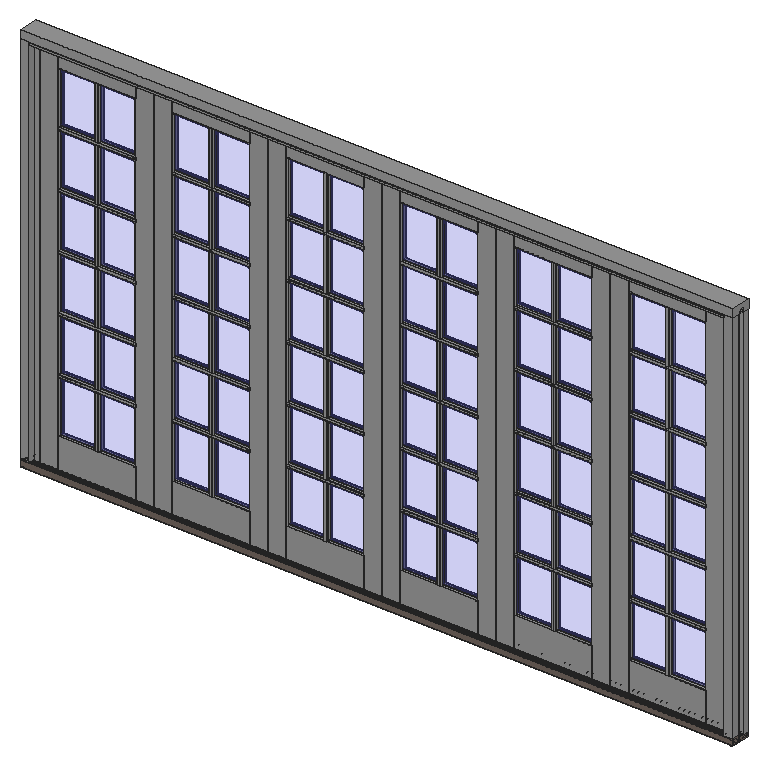
Revit family "VSFA 3820 SP", category Doors, host Wall, Revit 2015 (continued)
Forms (mm)
  Sweep 73, solid, material "Lauan, Meranti"
    profile origin (412.738, -75, 1958.988) x (0, 0, -1) y (0, -1, 0)
      loop
        arc (0, -86) -> (4.67, -84.366) -> (7, -80) r 6.807
        line (7, -80) -> (9, -80) -> (9, -78)
  Extrusion 74, solid, material "Lauan, Meranti"
    sketch origin (-1569.765, 0, 0) x (0, 1, 0) y (0, 0, 1)
      loop
        line (-15.5, 190) -> (-15.5, 19) -> (24.5, 19) -> (24.5, 190) -> (-5.5, 190) -> (-5.5, 199) -> (-7.5, 199) -> (-7.5, 197)
        arc (-7.5, 197) -> (-11.866, 194.67) -> (-13.5, 190) r 6.807
        line (-13.5, 190) -> (-15.5, 190)
      loop
        line (-7.5, 1952) -> (-7.5, 1950) -> (-5.5, 1950) -> (-5.5, 1959) -> (24.5, 1959) -> (24.5, 2055) -> (-15.5, 2055) -> (-15.5, 1959) -> (-13.5, 1959)
        arc (-13.5, 1959) -> (-11.866, 1954.33) -> (-7.5, 1952) r 6.807
      loop
        line (-15.5, 1675) -> (-15.5, 1662) -> (-13.5, 1662)
        arc (-13.5, 1662) -> (-11.866, 1657.33) -> (-7.5, 1655) r 6.807
        line (-7.5, 1655) -> (-7.5, 1653) -> (-5.5, 1653) -> (-5.5, 1662) -> (24.5, 1662) -> (24.5, 1675) -> (-5.5, 1675) -> (-5.5, 1684) -> (-7.5, 1684) -> (-7.5, 1682)
        arc (-7.5, 1682) -> (-11.866, 1679.67) -> (-13.5, 1675) r 6.807
        line (-13.5, 1675) -> (-15.5, 1675)
      loop
        line (-15.5, 1378) -> (-15.5, 1365) -> (-13.5, 1365)
        arc (-13.5, 1365) -> (-11.866, 1360.33) -> (-7.5, 1358) r 6.807
        line (-7.5, 1358) -> (-7.5, 1356) -> (-5.5, 1356) -> (-5.5, 1365) -> (24.5, 1365) -> (24.5, 1378) -> (-5.5, 1378) -> (-5.5, 1387) -> (-7.5, 1387) -> (-7.5, 1385)
        arc (-7.5, 1385) -> (-11.866, 1382.67) -> (-13.5, 1378) r 6.807
        line (-13.5, 1378) -> (-15.5, 1378)
      loop
        line (-15.5, 1081) -> (-15.5, 1068) -> (-13.5, 1068)
        arc (-13.5, 1068) -> (-11.866, 1063.33) -> (-7.5, 1061) r 6.807
        line (-7.5, 1061) -> (-7.5, 1059) -> (-5.5, 1059) -> (-5.5, 1068) -> (24.5, 1068) -> (24.5, 1081) -> (-5.5, 1081) -> (-5.5, 1090) -> (-7.5, 1090) -> (-7.5, 1088)
        arc (-7.5, 1088) -> (-11.866, 1085.67) -> (-13.5, 1081) r 6.807
        line (-13.5, 1081) -> (-15.5, 1081)
      loop
        line (-15.5, 784) -> (-15.5, 771) -> (-13.5, 771)
        arc (-13.5, 771) -> (-11.866, 766.33) -> (-7.5, 764) r 6.807
        line (-7.5, 764) -> (-7.5, 762) -> (-5.5, 762) -> (-5.5, 771) -> (24.5, 771) -> (24.5, 784) -> (-5.5, 784) -> (-5.5, 793) -> (-7.5, 793) -> (-7.5, 791)
        arc (-7.5, 791) -> (-11.866, 788.67) -> (-13.5, 784) r 6.807
        line (-13.5, 784) -> (-15.5, 784)
      loop
        line (-15.5, 487) -> (-15.5, 474) -> (-13.5, 474)
        arc (-13.5, 474) -> (-11.866, 469.33) -> (-7.5, 467) r 6.807
        line (-7.5, 467) -> (-7.5, 465) -> (-5.5, 465) -> (-5.5, 474) -> (24.5, 474) -> (24.5, 487) -> (-5.5, 487) -> (-5.5, 496) -> (-7.5, 496) -> (-7.5, 494)
        arc (-7.5, 494) -> (-11.866, 491.67) -> (-13.5, 487) r 6.807
        line (-13.5, 487) -> (-15.5, 487)
    from -169.235 to 248.765
  Sweep 75, solid, material "Lauan, Meranti"
    path origin (-1862.124, -75, -1252.272) x (1, 0, 0) y (0, 0, 1)
      loop
        line (338.624, 1726.272) -> (338.624, 1442.272) -> (541.124, 1442.272) -> (541.124, 1726.272) -> (338.624, 1726.272)
    profile origin (-1422.25, -75, 474) x (0, 0, 1) y (0, -1, 0)
      loop
        line (-9, -78) -> (-9, -80) -> (-7, -80)
        arc (-7, -80) -> (-4.67, -84.366) -> (0, -86) r 6.807
        line (0, -86) -> (0, -78) -> (-9, -78)
  Extrusion 76, solid, material "Glass"
    sketch origin (-1593.192, -110.55, -763.769) x (1, 0, 0) y (0, 0, 1)
      loop
        line (272.18, 953.779) -> (272.18, 1237.769) -> (69.692, 1237.769) -> (69.692, 953.779) -> (272.18, 953.779)
      loop
        line (56.692, 1237.769) -> (-145.808, 1237.769) -> (-145.808, 953.769) -> (56.692, 953.769) -> (56.692, 1237.769)
      loop
        line (272.18, 1250.779) -> (272.18, 1534.769) -> (69.692, 1534.769) -> (69.692, 1250.779) -> (272.18, 1250.779)
      loop
        line (56.692, 1534.769) -> (-145.808, 1534.769) -> (-145.808, 1250.769) -> (56.692, 1250.769) -> (56.692, 1534.769)
      loop
        line (272.18, 1547.779) -> (272.18, 1831.769) -> (69.692, 1831.769) -> (69.692, 1547.779) -> (272.18, 1547.779)
      loop
        line (56.692, 1831.769) -> (-145.808, 1831.769) -> (-145.808, 1547.769) -> (56.692, 1547.769) -> (56.692, 1831.769)
      loop
        line (272.18, 1844.779) -> (272.18, 2128.769) -> (69.692, 2128.769) -> (69.692, 1844.779) -> (272.18, 1844.779)
      loop
        line (56.692, 2128.769) -> (-145.808, 2128.769) -> (-145.808, 1844.769) -> (56.692, 1844.769) -> (56.692, 2128.769)
      loop
        line (272.18, 2141.779) -> (272.18, 2425.769) -> (69.692, 2425.769) -> (69.692, 2141.779) -> (272.18, 2141.779)
      loop
        line (56.692, 2425.769) -> (-145.808, 2425.769) -> (-145.808, 2141.769) -> (56.692, 2141.769) -> (56.692, 2425.769)
      loop
        line (272.18, 2438.779) -> (272.18, 2722.769) -> (69.692, 2722.769) -> (69.692, 2438.779) -> (272.18, 2438.779)
      loop
        line (56.692, 2722.769) -> (-145.808, 2722.769) -> (-145.808, 2438.769) -> (56.692, 2438.769) -> (56.692, 2722.769)
    from -112.5 to -106.1
  Extrusion 77, solid, material "Lauan, Meranti"
    sketch origin (-2125, 0, 0) x (1, 0, 0) y (0, 1, 0)
      loop
        line (601.5, -15.5) -> (601.5, -13.5)
        arc (601.5, -13.5) -> (606.17, -11.866) -> (608.5, -7.5) r 6.807
        line (608.5, -7.5) -> (610.5, -7.5) -> (610.5, -5.5) -> (601.5, -5.5) -> (601.5, 24.5) -> (588.5, 24.5) -> (588.5, -5.5) -> (579.5, -5.5) -> (579.5, -7.5) -> (581.5, -7.5)
        arc (581.5, -7.5) -> (583.83, -11.866) -> (588.5, -13.5) r 6.807
        line (588.5, -13.5) -> (588.5, -15.5) -> (601.5, -15.5)
    from 190 to 474
  Sweep 78, solid, material "Lauan, Meranti"
    path origin (-2077.612, -75, -1252.272) x (1, 0, 0) y (0, 0, 1)
      loop
        line (338.624, 1726.272) -> (338.624, 1442.272) -> (541.124, 1442.272) -> (541.124, 1726.272) -> (338.624, 1726.272)
    profile origin (-1637.738, -75, 474) x (0, 0, 1) y (0, -1, 0)
      loop
        line (-9, -78) -> (-9, -80) -> (-7, -80)
        arc (-7, -80) -> (-4.67, -84.366) -> (0, -86) r 6.807
        line (0, -86) -> (0, -78) -> (-9, -78)
  Sweep 79, solid, material "Lauan, Meranti"
    path origin (-1862.124, -75, -955.284) x (1, 0, 0) y (0, 0, 1)
      loop
        line (338.624, 1726.272) -> (338.624, 1442.272) -> (541.124, 1442.272) -> (541.124, 1726.272) -> (338.624, 1726.272)
    profile origin (-1422.25, -75, 770.988) x (0, 0, 1) y (0, -1, 0)
      loop
        line (-9, -78) -> (-9, -80) -> (-7, -80)
        arc (-7, -80) -> (-4.67, -84.366) -> (0, -86) r 6.807
        line (0, -86) -> (0, -78) -> (-9, -78)
  Extrusion 80, solid, material "Lauan, Meranti"
    sketch origin (-2125, 0, 296.988) x (1, 0, 0) y (0, 1, 0)
      loop
        line (601.5, -15.5) -> (601.5, -13.5)
        arc (601.5, -13.5) -> (606.17, -11.866) -> (608.5, -7.5) r 6.807
        line (608.5, -7.5) -> (610.5, -7.5) -> (610.5, -5.5) -> (601.5, -5.5) -> (601.5, 24.5) -> (588.5, 24.5) -> (588.5, -5.5) -> (579.5, -5.5) -> (579.5, -7.5) -> (581.5, -7.5)
        arc (581.5, -7.5) -> (583.83, -11.866) -> (588.5, -13.5) r 6.807
        line (588.5, -13.5) -> (588.5, -15.5) -> (601.5, -15.5)
    from 190 to 474
  Sweep 81, solid, material "Lauan, Meranti"
    path origin (-2077.612, -75, -955.284) x (1, 0, 0) y (0, 0, 1)
      loop
        line (338.624, 1726.272) -> (338.624, 1442.272) -> (541.124, 1442.272) -> (541.124, 1726.272) -> (338.624, 1726.272)
    profile origin (-1637.738, -75, 770.988) x (0, 0, 1) y (0, -1, 0)
      loop
        line (-9, -78) -> (-9, -80) -> (-7, -80)
        arc (-7, -80) -> (-4.67, -84.366) -> (0, -86) r 6.807
        line (0, -86) -> (0, -78) -> (-9, -78)
  Sweep 82, solid, material "Lauan, Meranti"
    path origin (-1862.124, -75, -658.284) x (1, 0, 0) y (0, 0, 1)
      loop
        line (338.624, 1726.272) -> (338.624, 1442.272) -> (541.124, 1442.272) -> (541.124, 1726.272) -> (338.624, 1726.272)
    profile origin (-1422.25, -75, 1067.988) x (0, 0, 1) y (0, -1, 0)
      loop
        line (-9, -78) -> (-9, -80) -> (-7, -80)
        arc (-7, -80) -> (-4.67, -84.366) -> (0, -86) r 6.807
        line (0, -86) -> (0, -78) -> (-9, -78)
  Extrusion 83, solid, material "Lauan, Meranti"
    sketch origin (-2125, 0, 593.988) x (1, 0, 0) y (0, 1, 0)
      loop
        line (601.5, -15.5) -> (601.5, -13.5)
        arc (601.5, -13.5) -> (606.17, -11.866) -> (608.5, -7.5) r 6.807
        line (608.5, -7.5) -> (610.5, -7.5) -> (610.5, -5.5) -> (601.5, -5.5) -> (601.5, 24.5) -> (588.5, 24.5) -> (588.5, -5.5) -> (579.5, -5.5) -> (579.5, -7.5) -> (581.5, -7.5)
        arc (581.5, -7.5) -> (583.83, -11.866) -> (588.5, -13.5) r 6.807
        line (588.5, -13.5) -> (588.5, -15.5) -> (601.5, -15.5)
    from 190 to 474
  Sweep 84, solid, material "Lauan, Meranti"
    path origin (-2077.612, -75, -658.284) x (1, 0, 0) y (0, 0, 1)
      loop
        line (338.624, 1726.272) -> (338.624, 1442.272) -> (541.124, 1442.272) -> (541.124, 1726.272) -> (338.624, 1726.272)
    profile origin (-1637.738, -75, 1067.988) x (0, 0, 1) y (0, -1, 0)
      loop
        line (-9, -78) -> (-9, -80) -> (-7, -80)
        arc (-7, -80) -> (-4.67, -84.366) -> (0, -86) r 6.807
        line (0, -86) -> (0, -78) -> (-9, -78)
  Sweep 85, solid, material "Lauan, Meranti"
    path origin (-1862.124, -75, -361.284) x (1, 0, 0) y (0, 0, 1)
      loop
        line (338.624, 1726.272) -> (338.624, 1442.272) -> (541.124, 1442.272) -> (541.124, 1726.272) -> (338.624, 1726.272)
    profile origin (-1422.25, -75, 1364.988) x (0, 0, 1) y (0, -1, 0)
      loop
        line (-9, -78) -> (-9, -80) -> (-7, -80)
        arc (-7, -80) -> (-4.67, -84.366) -> (0, -86) r 6.807
        line (0, -86) -> (0, -78) -> (-9, -78)
  Extrusion 86, solid, material "Lauan, Meranti"
    sketch origin (-2125, 0, 890.988) x (1, 0, 0) y (0, 1, 0)
      loop
        line (601.5, -15.5) -> (601.5, -13.5)
        arc (601.5, -13.5) -> (606.17, -11.866) -> (608.5, -7.5) r 6.807
        line (608.5, -7.5) -> (610.5, -7.5) -> (610.5, -5.5) -> (601.5, -5.5) -> (601.5, 24.5) -> (588.5, 24.5) -> (588.5, -5.5) -> (579.5, -5.5) -> (579.5, -7.5) -> (581.5, -7.5)
        arc (581.5, -7.5) -> (583.83, -11.866) -> (588.5, -13.5) r 6.807
        line (588.5, -13.5) -> (588.5, -15.5) -> (601.5, -15.5)
    from 190 to 474
  Sweep 87, solid, material "Lauan, Meranti"
    path origin (-2077.612, -75, -361.284) x (1, 0, 0) y (0, 0, 1)
      loop
        line (338.624, 1726.272) -> (338.624, 1442.272) -> (541.124, 1442.272) -> (541.124, 1726.272) -> (338.624, 1726.272)
    profile origin (-1637.738, -75, 1364.988) x (0, 0, 1) y (0, -1, 0)
      loop
        line (-9, -78) -> (-9, -80) -> (-7, -80)
        arc (-7, -80) -> (-4.67, -84.366) -> (0, -86) r 6.807
        line (0, -86) -> (0, -78) -> (-9, -78)
  Sweep 88, solid, material "Lauan, Meranti"
    path origin (-1862.124, -75, -64.284) x (1, 0, 0) y (0, 0, 1)
      loop
        line (338.624, 1726.272) -> (338.624, 1442.272) -> (541.124, 1442.272) -> (541.124, 1726.272) -> (338.624, 1726.272)
    profile origin (-1422.25, -75, 1661.988) x (0, 0, 1) y (0, -1, 0)
      loop
        line (-9, -78) -> (-9, -80) -> (-7, -80)
        arc (-7, -80) -> (-4.67, -84.366) -> (0, -86) r 6.807
        line (0, -86) -> (0, -78) -> (-9, -78)
  Extrusion 89, solid, material "Lauan, Meranti"
    sketch origin (-2125, 0, 1187.988) x (1, 0, 0) y (0, 1, 0)
      loop
        line (601.5, -15.5) -> (601.5, -13.5)
        arc (601.5, -13.5) -> (606.17, -11.866) -> (608.5, -7.5) r 6.807
        line (608.5, -7.5) -> (610.5, -7.5) -> (610.5, -5.5) -> (601.5, -5.5) -> (601.5, 24.5) -> (588.5, 24.5) -> (588.5, -5.5) -> (579.5, -5.5) -> (579.5, -7.5) -> (581.5, -7.5)
        arc (581.5, -7.5) -> (583.83, -11.866) -> (588.5, -13.5) r 6.807
        line (588.5, -13.5) -> (588.5, -15.5) -> (601.5, -15.5)
    from 190 to 474
  Sweep 90, solid, material "Lauan, Meranti"
    path origin (-2077.612, -75, -64.284) x (1, 0, 0) y (0, 0, 1)
      loop
        line (338.624, 1726.272) -> (338.624, 1442.272) -> (541.124, 1442.272) -> (541.124, 1726.272) -> (338.624, 1726.272)
    profile origin (-1637.738, -75, 1661.988) x (0, 0, 1) y (0, -1, 0)
      loop
        line (-9, -78) -> (-9, -80) -> (-7, -80)
        arc (-7, -80) -> (-4.67, -84.366) -> (0, -86) r 6.807
        line (0, -86) -> (0, -78) -> (-9, -78)
  Sweep 91, solid, material "Lauan, Meranti"
    path origin (-1862.124, -75, 232.716) x (1, 0, 0) y (0, 0, 1)
      loop
        line (338.624, 1726.272) -> (338.624, 1442.272) -> (541.124, 1442.272) -> (541.124, 1726.272) -> (338.624, 1726.272)
    profile origin (-1422.25, -75, 1958.988) x (0, 0, 1) y (0, -1, 0)
      loop
        line (-9, -78) -> (-9, -80) -> (-7, -80)
        arc (-7, -80) -> (-4.67, -84.366) -> (0, -86) r 6.807
        line (0, -86) -> (0, -78) -> (-9, -78)
  Extrusion 92, solid, material "Lauan, Meranti"
    sketch origin (-2125, 0, 1484.988) x (1, 0, 0) y (0, 1, 0)
      loop
        line (601.5, -15.5) -> (601.5, -13.5)
        arc (601.5, -13.5) -> (606.17, -11.866) -> (608.5, -7.5) r 6.807
        line (608.5, -7.5) -> (610.5, -7.5) -> (610.5, -5.5) -> (601.5, -5.5) -> (601.5, 24.5) -> (588.5, 24.5) -> (588.5, -5.5) -> (579.5, -5.5) -> (579.5, -7.5) -> (581.5, -7.5)
        arc (581.5, -7.5) -> (583.83, -11.866) -> (588.5, -13.5) r 6.807
        line (588.5, -13.5) -> (588.5, -15.5) -> (601.5, -15.5)
    from 190 to 474
  Sweep 93, solid, material "Lauan, Meranti"
    path origin (-2077.612, -75, 232.716) x (1, 0, 0) y (0, 0, 1)
      loop
        line (338.624, 1726.272) -> (338.624, 1442.272) -> (541.124, 1442.272) -> (541.124, 1726.272) -> (338.624, 1726.272)
    profile origin (-1637.738, -75, 1958.988) x (0, 0, 1) y (0, -1, 0)
      loop
        line (-9, -78) -> (-9, -80) -> (-7, -80)
        arc (-7, -80) -> (-4.67, -84.366) -> (0, -86) r 6.807
        line (0, -86) -> (0, -78) -> (-9, -78)
  Extrusion 94, solid, material "Lauan, Meranti"
    sketch origin (-957.265, 0, 0) x (0, 1, 0) y (0, 0, 1)
      loop
        line (-15.5, 190) -> (-15.5, 19) -> (24.5, 19) -> (24.5, 190) -> (-5.5, 190) -> (-5.5, 199) -> (-7.5, 199) -> (-7.5, 197)
        arc (-7.5, 197) -> (-11.866, 194.67) -> (-13.5, 190) r 6.807
        line (-13.5, 190) -> (-15.5, 190)
      loop
        line (-7.5, 1952) -> (-7.5, 1950) -> (-5.5, 1950) -> (-5.5, 1959) -> (24.5, 1959) -> (24.5, 2055) -> (-15.5, 2055) -> (-15.5, 1959) -> (-13.5, 1959)
        arc (-13.5, 1959) -> (-11.866, 1954.33) -> (-7.5, 1952) r 6.807
      loop
        line (-15.5, 1675) -> (-15.5, 1662) -> (-13.5, 1662)
        arc (-13.5, 1662) -> (-11.866, 1657.33) -> (-7.5, 1655) r 6.807
        line (-7.5, 1655) -> (-7.5, 1653) -> (-5.5, 1653) -> (-5.5, 1662) -> (24.5, 1662) -> (24.5, 1675) -> (-5.5, 1675) -> (-5.5, 1684) -> (-7.5, 1684) -> (-7.5, 1682)
        arc (-7.5, 1682) -> (-11.866, 1679.67) -> (-13.5, 1675) r 6.807
        line (-13.5, 1675) -> (-15.5, 1675)
      loop
        line (-15.5, 1378) -> (-15.5, 1365) -> (-13.5, 1365)
        arc (-13.5, 1365) -> (-11.866, 1360.33) -> (-7.5, 1358) r 6.807
        line (-7.5, 1358) -> (-7.5, 1356) -> (-5.5, 1356) -> (-5.5, 1365) -> (24.5, 1365) -> (24.5, 1378) -> (-5.5, 1378) -> (-5.5, 1387) -> (-7.5, 1387) -> (-7.5, 1385)
        arc (-7.5, 1385) -> (-11.866, 1382.67) -> (-13.5, 1378) r 6.807
        line (-13.5, 1378) -> (-15.5, 1378)
      loop
        line (-15.5, 1081) -> (-15.5, 1068) -> (-13.5, 1068)
        arc (-13.5, 1068) -> (-11.866, 1063.33) -> (-7.5, 1061) r 6.807
        line (-7.5, 1061) -> (-7.5, 1059) -> (-5.5, 1059) -> (-5.5, 1068) -> (24.5, 1068) -> (24.5, 1081) -> (-5.5, 1081) -> (-5.5, 1090) -> (-7.5, 1090) -> (-7.5, 1088)
        arc (-7.5, 1088) -> (-11.866, 1085.67) -> (-13.5, 1081) r 6.807
        line (-13.5, 1081) -> (-15.5, 1081)
      loop
        line (-15.5, 784) -> (-15.5, 771) -> (-13.5, 771)
        arc (-13.5, 771) -> (-11.866, 766.33) -> (-7.5, 764) r 6.807
        line (-7.5, 764) -> (-7.5, 762) -> (-5.5, 762) -> (-5.5, 771) -> (24.5, 771) -> (24.5, 784) -> (-5.5, 784) -> (-5.5, 793) -> (-7.5, 793) -> (-7.5, 791)
        arc (-7.5, 791) -> (-11.866, 788.67) -> (-13.5, 784) r 6.807
        line (-13.5, 784) -> (-15.5, 784)
      loop
        line (-15.5, 487) -> (-15.5, 474) -> (-13.5, 474)
        arc (-13.5, 474) -> (-11.866, 469.33) -> (-7.5, 467) r 6.807
        line (-7.5, 467) -> (-7.5, 465) -> (-5.5, 465) -> (-5.5, 474) -> (24.5, 474) -> (24.5, 487) -> (-5.5, 487) -> (-5.5, 496) -> (-7.5, 496) -> (-7.5, 494)
        arc (-7.5, 494) -> (-11.866, 491.67) -> (-13.5, 487) r 6.807
        line (-13.5, 487) -> (-15.5, 487)
    from -169.235 to 248.765
  Sweep 95, solid, material "Lauan, Meranti"
    path origin (-1249.624, -75, -1252.272) x (1, 0, 0) y (0, 0, 1)
      loop
        line (338.624, 1726.272) -> (338.624, 1442.272) -> (541.124, 1442.272) -> (541.124, 1726.272) -> (338.624, 1726.272)
    profile origin (-809.75, -75, 474) x (0, 0, 1) y (0, -1, 0)
      loop
        line (-9, -78) -> (-9, -80) -> (-7, -80)
        arc (-7, -80) -> (-4.67, -84.366) -> (0, -86) r 6.807
        line (0, -86) -> (0, -78) -> (-9, -78)
  Extrusion 96, solid, material "Glass"
    sketch origin (-980.692, -110.55, -763.769) x (1, 0, 0) y (0, 0, 1)
      loop
        line (272.18, 953.779) -> (272.18, 1237.769) -> (69.692, 1237.769) -> (69.692, 953.779) -> (272.18, 953.779)
      loop
        line (56.692, 1237.769) -> (-145.808, 1237.769) -> (-145.808, 953.769) -> (56.692, 953.769) -> (56.692, 1237.769)
      loop
        line (272.18, 1250.779) -> (272.18, 1534.769) -> (69.692, 1534.769) -> (69.692, 1250.779) -> (272.18, 1250.779)
      loop
        line (56.692, 1534.769) -> (-145.808, 1534.769) -> (-145.808, 1250.769) -> (56.692, 1250.769) -> (56.692, 1534.769)
      loop
        line (272.18, 1547.779) -> (272.18, 1831.769) -> (69.692, 1831.769) -> (69.692, 1547.779) -> (272.18, 1547.779)
      loop
        line (56.692, 1831.769) -> (-145.808, 1831.769) -> (-145.808, 1547.769) -> (56.692, 1547.769) -> (56.692, 1831.769)
      loop
        line (272.18, 1844.779) -> (272.18, 2128.769) -> (69.692, 2128.769) -> (69.692, 1844.779) -> (272.18, 1844.779)
      loop
        line (56.692, 2128.769) -> (-145.808, 2128.769) -> (-145.808, 1844.769) -> (56.692, 1844.769) -> (56.692, 2128.769)
      loop
        line (272.18, 2141.779) -> (272.18, 2425.769) -> (69.692, 2425.769) -> (69.692, 2141.779) -> (272.18, 2141.779)
      loop
        line (56.692, 2425.769) -> (-145.808, 2425.769) -> (-145.808, 2141.769) -> (56.692, 2141.769) -> (56.692, 2425.769)
      loop
        line (272.18, 2438.779) -> (272.18, 2722.769) -> (69.692, 2722.769) -> (69.692, 2438.779) -> (272.18, 2438.779)
      loop
        line (56.692, 2722.769) -> (-145.808, 2722.769) -> (-145.808, 2438.769) -> (56.692, 2438.769) -> (56.692, 2722.769)
    from -112.5 to -106.1
  Extrusion 97, solid, material "Lauan, Meranti"
    sketch origin (-1512.5, 0, 0) x (1, 0, 0) y (0, 1, 0)
      loop
        line (601.5, -15.5) -> (601.5, -13.5)
        arc (601.5, -13.5) -> (606.17, -11.866) -> (608.5, -7.5) r 6.807
        line (608.5, -7.5) -> (610.5, -7.5) -> (610.5, -5.5) -> (601.5, -5.5) -> (601.5, 24.5) -> (588.5, 24.5) -> (588.5, -5.5) -> (579.5, -5.5) -> (579.5, -7.5) -> (581.5, -7.5)
        arc (581.5, -7.5) -> (583.83, -11.866) -> (588.5, -13.5) r 6.807
        line (588.5, -13.5) -> (588.5, -15.5) -> (601.5, -15.5)
    from 190 to 474
  Sweep 98, solid, material "Lauan, Meranti"
    path origin (-1465.112, -75, -1252.272) x (1, 0, 0) y (0, 0, 1)
      loop
        line (338.624, 1726.272) -> (338.624, 1442.272) -> (541.124, 1442.272) -> (541.124, 1726.272) -> (338.624, 1726.272)
    profile origin (-1025.238, -75, 474) x (0, 0, 1) y (0, -1, 0)
      loop
        line (-9, -78) -> (-9, -80) -> (-7, -80)
        arc (-7, -80) -> (-4.67, -84.366) -> (0, -86) r 6.807
        line (0, -86) -> (0, -78) -> (-9, -78)
  Sweep 99, solid, material "Lauan, Meranti"
    path origin (-1249.624, -75, -955.284) x (1, 0, 0) y (0, 0, 1)
      loop
        line (338.624, 1726.272) -> (338.624, 1442.272) -> (541.124, 1442.272) -> (541.124, 1726.272) -> (338.624, 1726.272)
    profile origin (-809.75, -75, 770.988) x (0, 0, 1) y (0, -1, 0)
      loop
        line (-9, -78) -> (-9, -80) -> (-7, -80)
        arc (-7, -80) -> (-4.67, -84.366) -> (0, -86) r 6.807
        line (0, -86) -> (0, -78) -> (-9, -78)
  Extrusion 100, solid, material "Lauan, Meranti"
    sketch origin (-1512.5, 0, 296.988) x (1, 0, 0) y (0, 1, 0)
      loop
        line (601.5, -15.5) -> (601.5, -13.5)
        arc (601.5, -13.5) -> (606.17, -11.866) -> (608.5, -7.5) r 6.807
        line (608.5, -7.5) -> (610.5, -7.5) -> (610.5, -5.5) -> (601.5, -5.5) -> (601.5, 24.5) -> (588.5, 24.5) -> (588.5, -5.5) -> (579.5, -5.5) -> (579.5, -7.5) -> (581.5, -7.5)
        arc (581.5, -7.5) -> (583.83, -11.866) -> (588.5, -13.5) r 6.807
        line (588.5, -13.5) -> (588.5, -15.5) -> (601.5, -15.5)
    from 190 to 474
  Sweep 101, solid, material "Lauan, Meranti"
    path origin (-1465.112, -75, -955.284) x (1, 0, 0) y (0, 0, 1)
      loop
        line (338.624, 1726.272) -> (338.624, 1442.272) -> (541.124, 1442.272) -> (541.124, 1726.272) -> (338.624, 1726.272)
    profile origin (-1025.238, -75, 770.988) x (0, 0, 1) y (0, -1, 0)
      loop
        line (-9, -78) -> (-9, -80) -> (-7, -80)
        arc (-7, -80) -> (-4.67, -84.366) -> (0, -86) r 6.807
        line (0, -86) -> (0, -78) -> (-9, -78)
  Sweep 102, solid, material "Lauan, Meranti"
    path origin (-1249.624, -75, -658.284) x (1, 0, 0) y (0, 0, 1)
      loop
        line (338.624, 1726.272) -> (338.624, 1442.272) -> (541.124, 1442.272) -> (541.124, 1726.272) -> (338.624, 1726.272)
    profile origin (-809.75, -75, 1067.988) x (0, 0, 1) y (0, -1, 0)
      loop
        line (-9, -78) -> (-9, -80) -> (-7, -80)
        arc (-7, -80) -> (-4.67, -84.366) -> (0, -86) r 6.807
        line (0, -86) -> (0, -78) -> (-9, -78)
  Extrusion 103, solid, material "Lauan, Meranti"
    sketch origin (-1512.5, 0, 593.988) x (1, 0, 0) y (0, 1, 0)
      loop
        line (601.5, -15.5) -> (601.5, -13.5)
        arc (601.5, -13.5) -> (606.17, -11.866) -> (608.5, -7.5) r 6.807
        line (608.5, -7.5) -> (610.5, -7.5) -> (610.5, -5.5) -> (601.5, -5.5) -> (601.5, 24.5) -> (588.5, 24.5) -> (588.5, -5.5) -> (579.5, -5.5) -> (579.5, -7.5) -> (581.5, -7.5)
        arc (581.5, -7.5) -> (583.83, -11.866) -> (588.5, -13.5) r 6.807
        line (588.5, -13.5) -> (588.5, -15.5) -> (601.5, -15.5)
    from 190 to 474
  Sweep 104, solid, material "Lauan, Meranti"
    path origin (-1465.112, -75, -658.284) x (1, 0, 0) y (0, 0, 1)
      loop
        line (338.624, 1726.272) -> (338.624, 1442.272) -> (541.124, 1442.272) -> (541.124, 1726.272) -> (338.624, 1726.272)
    profile origin (-1025.238, -75, 1067.988) x (0, 0, 1) y (0, -1, 0)
      loop
        line (-9, -78) -> (-9, -80) -> (-7, -80)
        arc (-7, -80) -> (-4.67, -84.366) -> (0, -86) r 6.807
        line (0, -86) -> (0, -78) -> (-9, -78)
  Sweep 105, solid, material "Lauan, Meranti"
    path origin (-1249.624, -75, -361.284) x (1, 0, 0) y (0, 0, 1)
      loop
        line (338.624, 1726.272) -> (338.624, 1442.272) -> (541.124, 1442.272) -> (541.124, 1726.272) -> (338.624, 1726.272)
    profile origin (-809.75, -75, 1364.988) x (0, 0, 1) y (0, -1, 0)
      loop
        line (-9, -78) -> (-9, -80) -> (-7, -80)
        arc (-7, -80) -> (-4.67, -84.366) -> (0, -86) r 6.807
        line (0, -86) -> (0, -78) -> (-9, -78)
  Extrusion 106, solid, material "Lauan, Meranti"
    sketch origin (-1512.5, 0, 890.988) x (1, 0, 0) y (0, 1, 0)
      loop
        line (601.5, -15.5) -> (601.5, -13.5)
        arc (601.5, -13.5) -> (606.17, -11.866) -> (608.5, -7.5) r 6.807
        line (608.5, -7.5) -> (610.5, -7.5) -> (610.5, -5.5) -> (601.5, -5.5) -> (601.5, 24.5) -> (588.5, 24.5) -> (588.5, -5.5) -> (579.5, -5.5) -> (579.5, -7.5) -> (581.5, -7.5)
        arc (581.5, -7.5) -> (583.83, -11.866) -> (588.5, -13.5) r 6.807
        line (588.5, -13.5) -> (588.5, -15.5) -> (601.5, -15.5)
    from 190 to 474
  Sweep 107, solid, material "Lauan, Meranti"
    path origin (-1465.112, -75, -361.284) x (1, 0, 0) y (0, 0, 1)
      loop
        line (338.624, 1726.272) -> (338.624, 1442.272) -> (541.124, 1442.272) -> (541.124, 1726.272) -> (338.624, 1726.272)
    profile origin (-1025.238, -75, 1364.988) x (0, 0, 1) y (0, -1, 0)
      loop
        line (-9, -78) -> (-9, -80) -> (-7, -80)
        arc (-7, -80) -> (-4.67, -84.366) -> (0, -86) r 6.807
        line (0, -86) -> (0, -78) -> (-9, -78)
  Sweep 108, solid, material "Lauan, Meranti"
    path origin (-1249.624, -75, -64.284) x (1, 0, 0) y (0, 0, 1)
      loop
        line (338.624, 1726.272) -> (338.624, 1442.272) -> (541.124, 1442.272) -> (541.124, 1726.272) -> (338.624, 1726.272)
    profile origin (-809.75, -75, 1661.988) x (0, 0, 1) y (0, -1, 0)
      loop
        line (-9, -78) -> (-9, -80) -> (-7, -80)
        arc (-7, -80) -> (-4.67, -84.366) -> (0, -86) r 6.807
        line (0, -86) -> (0, -78) -> (-9, -78)
  Extrusion 109, solid, material "Lauan, Meranti"
    sketch origin (-1512.5, 0, 1187.988) x (1, 0, 0) y (0, 1, 0)
      loop
        line (601.5, -15.5) -> (601.5, -13.5)
        arc (601.5, -13.5) -> (606.17, -11.866) -> (608.5, -7.5) r 6.807
        line (608.5, -7.5) -> (610.5, -7.5) -> (610.5, -5.5) -> (601.5, -5.5) -> (601.5, 24.5) -> (588.5, 24.5) -> (588.5, -5.5) -> (579.5, -5.5) -> (579.5, -7.5) -> (581.5, -7.5)
        arc (581.5, -7.5) -> (583.83, -11.866) -> (588.5, -13.5) r 6.807
        line (588.5, -13.5) -> (588.5, -15.5) -> (601.5, -15.5)
    from 190 to 474
  Sweep 110, solid, material "Lauan, Meranti"
    path origin (-1465.112, -75, -64.284) x (1, 0, 0) y (0, 0, 1)
      loop
        line (338.624, 1726.272) -> (338.624, 1442.272) -> (541.124, 1442.272) -> (541.124, 1726.272) -> (338.624, 1726.272)
    profile origin (-1025.238, -75, 1661.988) x (0, 0, 1) y (0, -1, 0)
      loop
        line (-9, -78) -> (-9, -80) -> (-7, -80)
        arc (-7, -80) -> (-4.67, -84.366) -> (0, -86) r 6.807
        line (0, -86) -> (0, -78) -> (-9, -78)
  Sweep 111, solid, material "Lauan, Meranti"
    path origin (-1249.624, -75, 232.716) x (1, 0, 0) y (0, 0, 1)
      loop
        line (338.624, 1726.272) -> (338.624, 1442.272) -> (541.124, 1442.272) -> (541.124, 1726.272) -> (338.624, 1726.272)
    profile origin (-809.75, -75, 1958.988) x (0, 0, 1) y (0, -1, 0)
      loop
        line (-9, -78) -> (-9, -80) -> (-7, -80)
        arc (-7, -80) -> (-4.67, -84.366) -> (0, -86) r 6.807
        line (0, -86) -> (0, -78) -> (-9, -78)
  Extrusion 112, solid, material "Lauan, Meranti"
    sketch origin (-1512.5, 0, 1484.988) x (1, 0, 0) y (0, 1, 0)
      loop
        line (601.5, -15.5) -> (601.5, -13.5)
        arc (601.5, -13.5) -> (606.17, -11.866) -> (608.5, -7.5) r 6.807
        line (608.5, -7.5) -> (610.5, -7.5) -> (610.5, -5.5) -> (601.5, -5.5) -> (601.5, 24.5) -> (588.5, 24.5) -> (588.5, -5.5) -> (579.5, -5.5) -> (579.5, -7.5) -> (581.5, -7.5)
        arc (581.5, -7.5) -> (583.83, -11.866) -> (588.5, -13.5) r 6.807
        line (588.5, -13.5) -> (588.5, -15.5) -> (601.5, -15.5)
    from 190 to 474
  Sweep 113, solid, material "Lauan, Meranti"
    path origin (-1465.112, -75, 232.716) x (1, 0, 0) y (0, 0, 1)
      loop
        line (338.624, 1726.272) -> (338.624, 1442.272) -> (541.124, 1442.272) -> (541.124, 1726.272) -> (338.624, 1726.272)
    profile origin (-1025.238, -75, 1958.988) x (0, 0, 1) y (0, -1, 0)
      loop
        line (-9, -78) -> (-9, -80) -> (-7, -80)
        arc (-7, -80) -> (-4.67, -84.366) -> (0, -86) r 6.807
        line (0, -86) -> (0, -78) -> (-9, -78)
  Extrusion 114, solid, material "Lauan, Meranti"
    sketch origin (-344.765, 0, 0) x (0, 1, 0) y (0, 0, 1)
      loop
        line (-15.5, 190) -> (-15.5, 19) -> (24.5, 19) -> (24.5, 190) -> (-5.5, 190) -> (-5.5, 199) -> (-7.5, 199) -> (-7.5, 197)
        arc (-7.5, 197) -> (-11.866, 194.67) -> (-13.5, 190) r 6.807
        line (-13.5, 190) -> (-15.5, 190)
      loop
        line (-7.5, 1952) -> (-7.5, 1950) -> (-5.5, 1950) -> (-5.5, 1959) -> (24.5, 1959) -> (24.5, 2055) -> (-15.5, 2055) -> (-15.5, 1959) -> (-13.5, 1959)
        arc (-13.5, 1959) -> (-11.866, 1954.33) -> (-7.5, 1952) r 6.807
      loop
        line (-15.5, 1675) -> (-15.5, 1662) -> (-13.5, 1662)
        arc (-13.5, 1662) -> (-11.866, 1657.33) -> (-7.5, 1655) r 6.807
        line (-7.5, 1655) -> (-7.5, 1653) -> (-5.5, 1653) -> (-5.5, 1662) -> (24.5, 1662) -> (24.5, 1675) -> (-5.5, 1675) -> (-5.5, 1684) -> (-7.5, 1684) -> (-7.5, 1682)
        arc (-7.5, 1682) -> (-11.866, 1679.67) -> (-13.5, 1675) r 6.807
        line (-13.5, 1675) -> (-15.5, 1675)
      loop
        line (-15.5, 1378) -> (-15.5, 1365) -> (-13.5, 1365)
        arc (-13.5, 1365) -> (-11.866, 1360.33) -> (-7.5, 1358) r 6.807
        line (-7.5, 1358) -> (-7.5, 1356) -> (-5.5, 1356) -> (-5.5, 1365) -> (24.5, 1365) -> (24.5, 1378) -> (-5.5, 1378) -> (-5.5, 1387) -> (-7.5, 1387) -> (-7.5, 1385)
        arc (-7.5, 1385) -> (-11.866, 1382.67) -> (-13.5, 1378) r 6.807
        line (-13.5, 1378) -> (-15.5, 1378)
      loop
        line (-15.5, 1081) -> (-15.5, 1068) -> (-13.5, 1068)
        arc (-13.5, 1068) -> (-11.866, 1063.33) -> (-7.5, 1061) r 6.807
        line (-7.5, 1061) -> (-7.5, 1059) -> (-5.5, 1059) -> (-5.5, 1068) -> (24.5, 1068) -> (24.5, 1081) -> (-5.5, 1081) -> (-5.5, 1090) -> (-7.5, 1090) -> (-7.5, 1088)
        arc (-7.5, 1088) -> (-11.866, 1085.67) -> (-13.5, 1081) r 6.807
        line (-13.5, 1081) -> (-15.5, 1081)
      loop
        line (-15.5, 784) -> (-15.5, 771) -> (-13.5, 771)
        arc (-13.5, 771) -> (-11.866, 766.33) -> (-7.5, 764) r 6.807
        line (-7.5, 764) -> (-7.5, 762) -> (-5.5, 762) -> (-5.5, 771) -> (24.5, 771) -> (24.5, 784) -> (-5.5, 784) -> (-5.5, 793) -> (-7.5, 793) -> (-7.5, 791)
        arc (-7.5, 791) -> (-11.866, 788.67) -> (-13.5, 784) r 6.807
        line (-13.5, 784) -> (-15.5, 784)
      loop
        line (-15.5, 487) -> (-15.5, 474) -> (-13.5, 474)
        arc (-13.5, 474) -> (-11.866, 469.33) -> (-7.5, 467) r 6.807
        line (-7.5, 467) -> (-7.5, 465) -> (-5.5, 465) -> (-5.5, 474) -> (24.5, 474) -> (24.5, 487) -> (-5.5, 487) -> (-5.5, 496) -> (-7.5, 496) -> (-7.5, 494)
        arc (-7.5, 494) -> (-11.866, 491.67) -> (-13.5, 487) r 6.807
        line (-13.5, 487) -> (-15.5, 487)
    from -169.235 to 248.765
  Sweep 115, solid, material "Lauan, Meranti"
    path origin (-637.124, -75, -1252.272) x (1, 0, 0) y (0, 0, 1)
      loop
        line (338.624, 1726.272) -> (338.624, 1442.272) -> (541.124, 1442.272) -> (541.124, 1726.272) -> (338.624, 1726.272)
    profile origin (-197.25, -75, 474) x (0, 0, 1) y (0, -1, 0)
      loop
        line (-9, -78) -> (-9, -80) -> (-7, -80)
        arc (-7, -80) -> (-4.67, -84.366) -> (0, -86) r 6.807
        line (0, -86) -> (0, -78) -> (-9, -78)
  Extrusion 116, solid, material "Glass"
    sketch origin (-368.192, -110.55, -763.769) x (1, 0, 0) y (0, 0, 1)
      loop
        line (272.18, 953.779) -> (272.18, 1237.769) -> (69.692, 1237.769) -> (69.692, 953.779) -> (272.18, 953.779)
      loop
        line (56.692, 1237.769) -> (-145.808, 1237.769) -> (-145.808, 953.769) -> (56.692, 953.769) -> (56.692, 1237.769)
      loop
        line (272.18, 1250.779) -> (272.18, 1534.769) -> (69.692, 1534.769) -> (69.692, 1250.779) -> (272.18, 1250.779)
      loop
        line (56.692, 1534.769) -> (-145.808, 1534.769) -> (-145.808, 1250.769) -> (56.692, 1250.769) -> (56.692, 1534.769)
      loop
        line (272.18, 1547.779) -> (272.18, 1831.769) -> (69.692, 1831.769) -> (69.692, 1547.779) -> (272.18, 1547.779)
      loop
        line (56.692, 1831.769) -> (-145.808, 1831.769) -> (-145.808, 1547.769) -> (56.692, 1547.769) -> (56.692, 1831.769)
      loop
        line (272.18, 1844.779) -> (272.18, 2128.769) -> (69.692, 2128.769) -> (69.692, 1844.779) -> (272.18, 1844.779)
      loop
        line (56.692, 2128.769) -> (-145.808, 2128.769) -> (-145.808, 1844.769) -> (56.692, 1844.769) -> (56.692, 2128.769)
      loop
        line (272.18, 2141.779) -> (272.18, 2425.769) -> (69.692, 2425.769) -> (69.692, 2141.779) -> (272.18, 2141.779)
      loop
        line (56.692, 2425.769) -> (-145.808, 2425.769) -> (-145.808, 2141.769) -> (56.692, 2141.769) -> (56.692, 2425.769)
      loop
        line (272.18, 2438.779) -> (272.18, 2722.769) -> (69.692, 2722.769) -> (69.692, 2438.779) -> (272.18, 2438.779)
      loop
        line (56.692, 2722.769) -> (-145.808, 2722.769) -> (-145.808, 2438.769) -> (56.692, 2438.769) -> (56.692, 2722.769)
    from -112.5 to -106.1
  Extrusion 117, solid, material "Lauan, Meranti"
    sketch origin (-900, 0, 0) x (1, 0, 0) y (0, 1, 0)
      loop
        line (601.5, -15.5) -> (601.5, -13.5)
        arc (601.5, -13.5) -> (606.17, -11.866) -> (608.5, -7.5) r 6.807
        line (608.5, -7.5) -> (610.5, -7.5) -> (610.5, -5.5) -> (601.5, -5.5) -> (601.5, 24.5) -> (588.5, 24.5) -> (588.5, -5.5) -> (579.5, -5.5) -> (579.5, -7.5) -> (581.5, -7.5)
        arc (581.5, -7.5) -> (583.83, -11.866) -> (588.5, -13.5) r 6.807
        line (588.5, -13.5) -> (588.5, -15.5) -> (601.5, -15.5)
    from 190 to 474
  Sweep 118, solid, material "Lauan, Meranti"
    path origin (-852.612, -75, -1252.272) x (1, 0, 0) y (0, 0, 1)
      loop
        line (338.624, 1726.272) -> (338.624, 1442.272) -> (541.124, 1442.272) -> (541.124, 1726.272) -> (338.624, 1726.272)
    profile origin (-412.738, -75, 474) x (0, 0, 1) y (0, -1, 0)
      loop
        line (-9, -78) -> (-9, -80) -> (-7, -80)
        arc (-7, -80) -> (-4.67, -84.366) -> (0, -86) r 6.807
        line (0, -86) -> (0, -78) -> (-9, -78)
  Sweep 119, solid, material "Lauan, Meranti"
    path origin (-637.124, -75, -955.284) x (1, 0, 0) y (0, 0, 1)
      loop
        line (338.624, 1726.272) -> (338.624, 1442.272) -> (541.124, 1442.272) -> (541.124, 1726.272) -> (338.624, 1726.272)
    profile origin (-197.25, -75, 770.988) x (0, 0, 1) y (0, -1, 0)
      loop
        line (-9, -78) -> (-9, -80) -> (-7, -80)
        arc (-7, -80) -> (-4.67, -84.366) -> (0, -86) r 6.807
        line (0, -86) -> (0, -78) -> (-9, -78)
  Extrusion 120, solid, material "Lauan, Meranti"
    sketch origin (-900, 0, 296.988) x (1, 0, 0) y (0, 1, 0)
      loop
        line (601.5, -15.5) -> (601.5, -13.5)
        arc (601.5, -13.5) -> (606.17, -11.866) -> (608.5, -7.5) r 6.807
        line (608.5, -7.5) -> (610.5, -7.5) -> (610.5, -5.5) -> (601.5, -5.5) -> (601.5, 24.5) -> (588.5, 24.5) -> (588.5, -5.5) -> (579.5, -5.5) -> (579.5, -7.5) -> (581.5, -7.5)
        arc (581.5, -7.5) -> (583.83, -11.866) -> (588.5, -13.5) r 6.807
        line (588.5, -13.5) -> (588.5, -15.5) -> (601.5, -15.5)
    from 190 to 474
  Sweep 121, solid, material "Lauan, Meranti"
    path origin (-852.612, -75, -955.284) x (1, 0, 0) y (0, 0, 1)
      loop
        line (338.624, 1726.272) -> (338.624, 1442.272) -> (541.124, 1442.272) -> (541.124, 1726.272) -> (338.624, 1726.272)
    profile origin (-412.738, -75, 770.988) x (0, 0, 1) y (0, -1, 0)
      loop
        line (-9, -78) -> (-9, -80) -> (-7, -80)
        arc (-7, -80) -> (-4.67, -84.366) -> (0, -86) r 6.807
        line (0, -86) -> (0, -78) -> (-9, -78)
  Sweep 122, solid, material "Lauan, Meranti"
    path origin (-637.124, -75, -658.284) x (1, 0, 0) y (0, 0, 1)
      loop
        line (338.624, 1726.272) -> (338.624, 1442.272) -> (541.124, 1442.272) -> (541.124, 1726.272) -> (338.624, 1726.272)
    profile origin (-197.25, -75, 1067.988) x (0, 0, 1) y (0, -1, 0)
      loop
        line (-9, -78) -> (-9, -80) -> (-7, -80)
        arc (-7, -80) -> (-4.67, -84.366) -> (0, -86) r 6.807
        line (0, -86) -> (0, -78) -> (-9, -78)
  Extrusion 123, solid, material "Lauan, Meranti"
    sketch origin (-900, 0, 593.988) x (1, 0, 0) y (0, 1, 0)
      loop
        line (601.5, -15.5) -> (601.5, -13.5)
        arc (601.5, -13.5) -> (606.17, -11.866) -> (608.5, -7.5) r 6.807
        line (608.5, -7.5) -> (610.5, -7.5) -> (610.5, -5.5) -> (601.5, -5.5) -> (601.5, 24.5) -> (588.5, 24.5) -> (588.5, -5.5) -> (579.5, -5.5) -> (579.5, -7.5) -> (581.5, -7.5)
        arc (581.5, -7.5) -> (583.83, -11.866) -> (588.5, -13.5) r 6.807
        line (588.5, -13.5) -> (588.5, -15.5) -> (601.5, -15.5)
    from 190 to 474
  Sweep 124, solid, material "Lauan, Meranti"
    path origin (-852.612, -75, -658.284) x (1, 0, 0) y (0, 0, 1)
      loop
        line (338.624, 1726.272) -> (338.624, 1442.272) -> (541.124, 1442.272) -> (541.124, 1726.272) -> (338.624, 1726.272)
    profile origin (-412.738, -75, 1067.988) x (0, 0, 1) y (0, -1, 0)
      loop
        line (-9, -78) -> (-9, -80) -> (-7, -80)
        arc (-7, -80) -> (-4.67, -84.366) -> (0, -86) r 6.807
        line (0, -86) -> (0, -78) -> (-9, -78)
  Sweep 125, solid, material "Lauan, Meranti"
    path origin (-637.124, -75, -361.284) x (1, 0, 0) y (0, 0, 1)
      loop
        line (338.624, 1726.272) -> (338.624, 1442.272) -> (541.124, 1442.272) -> (541.124, 1726.272) -> (338.624, 1726.272)
    profile origin (-197.25, -75, 1364.988) x (0, 0, 1) y (0, -1, 0)
      loop
        line (-9, -78) -> (-9, -80) -> (-7, -80)
        arc (-7, -80) -> (-4.67, -84.366) -> (0, -86) r 6.807
        line (0, -86) -> (0, -78) -> (-9, -78)
  Extrusion 126, solid, material "Lauan, Meranti"
    sketch origin (-900, 0, 890.988) x (1, 0, 0) y (0, 1, 0)
      loop
        line (601.5, -15.5) -> (601.5, -13.5)
        arc (601.5, -13.5) -> (606.17, -11.866) -> (608.5, -7.5) r 6.807
        line (608.5, -7.5) -> (610.5, -7.5) -> (610.5, -5.5) -> (601.5, -5.5) -> (601.5, 24.5) -> (588.5, 24.5) -> (588.5, -5.5) -> (579.5, -5.5) -> (579.5, -7.5) -> (581.5, -7.5)
        arc (581.5, -7.5) -> (583.83, -11.866) -> (588.5, -13.5) r 6.807
        line (588.5, -13.5) -> (588.5, -15.5) -> (601.5, -15.5)
    from 190 to 474
  Sweep 127, solid, material "Lauan, Meranti"
    path origin (-852.612, -75, -361.284) x (1, 0, 0) y (0, 0, 1)
      loop
        line (338.624, 1726.272) -> (338.624, 1442.272) -> (541.124, 1442.272) -> (541.124, 1726.272) -> (338.624, 1726.272)
    profile origin (-412.738, -75, 1364.988) x (0, 0, 1) y (0, -1, 0)
      loop
        line (-9, -78) -> (-9, -80) -> (-7, -80)
        arc (-7, -80) -> (-4.67, -84.366) -> (0, -86) r 6.807
        line (0, -86) -> (0, -78) -> (-9, -78)
  Sweep 128, solid, material "Lauan, Meranti"
    path origin (-637.124, -75, -64.284) x (1, 0, 0) y (0, 0, 1)
      loop
        line (338.624, 1726.272) -> (338.624, 1442.272) -> (541.124, 1442.272) -> (541.124, 1726.272) -> (338.624, 1726.272)
    profile origin (-197.25, -75, 1661.988) x (0, 0, 1) y (0, -1, 0)
      loop
        line (-9, -78) -> (-9, -80) -> (-7, -80)
        arc (-7, -80) -> (-4.67, -84.366) -> (0, -86) r 6.807
        line (0, -86) -> (0, -78) -> (-9, -78)
  Extrusion 129, solid, material "Lauan, Meranti"
    sketch origin (-900, 0, 1187.988) x (1, 0, 0) y (0, 1, 0)
      loop
        line (601.5, -15.5) -> (601.5, -13.5)
        arc (601.5, -13.5) -> (606.17, -11.866) -> (608.5, -7.5) r 6.807
        line (608.5, -7.5) -> (610.5, -7.5) -> (610.5, -5.5) -> (601.5, -5.5) -> (601.5, 24.5) -> (588.5, 24.5) -> (588.5, -5.5) -> (579.5, -5.5) -> (579.5, -7.5) -> (581.5, -7.5)
        arc (581.5, -7.5) -> (583.83, -11.866) -> (588.5, -13.5) r 6.807
        line (588.5, -13.5) -> (588.5, -15.5) -> (601.5, -15.5)
    from 190 to 474
  Sweep 130, solid, material "Lauan, Meranti"
    path origin (-852.612, -75, -64.284) x (1, 0, 0) y (0, 0, 1)
      loop
        line (338.624, 1726.272) -> (338.624, 1442.272) -> (541.124, 1442.272) -> (541.124, 1726.272) -> (338.624, 1726.272)
    profile origin (-412.738, -75, 1661.988) x (0, 0, 1) y (0, -1, 0)
      loop
        line (-9, -78) -> (-9, -80) -> (-7, -80)
        arc (-7, -80) -> (-4.67, -84.366) -> (0, -86) r 6.807
        line (0, -86) -> (0, -78) -> (-9, -78)
  Sweep 131, solid, material "Lauan, Meranti"
    path origin (-637.124, -75, 232.716) x (1, 0, 0) y (0, 0, 1)
      loop
        line (338.624, 1726.272) -> (338.624, 1442.272) -> (541.124, 1442.272) -> (541.124, 1726.272) -> (338.624, 1726.272)
    profile origin (-197.25, -75, 1958.988) x (0, 0, 1) y (0, -1, 0)
      loop
        line (-9, -78) -> (-9, -80) -> (-7, -80)
        arc (-7, -80) -> (-4.67, -84.366) -> (0, -86) r 6.807
        line (0, -86) -> (0, -78) -> (-9, -78)
  Extrusion 132, solid, material "Lauan, Meranti"
    sketch origin (-900, 0, 1484.988) x (1, 0, 0) y (0, 1, 0)
      loop
        line (601.5, -15.5) -> (601.5, -13.5)
        arc (601.5, -13.5) -> (606.17, -11.866) -> (608.5, -7.5) r 6.807
        line (608.5, -7.5) -> (610.5, -7.5) -> (610.5, -5.5) -> (601.5, -5.5) -> (601.5, 24.5) -> (588.5, 24.5) -> (588.5, -5.5) -> (579.5, -5.5) -> (579.5, -7.5) -> (581.5, -7.5)
        arc (581.5, -7.5) -> (583.83, -11.866) -> (588.5, -13.5) r 6.807
        line (588.5, -13.5) -> (588.5, -15.5) -> (601.5, -15.5)
    from 190 to 474
  Sweep 133, solid, material "Lauan, Meranti"
    path origin (-852.612, -75, 232.716) x (1, 0, 0) y (0, 0, 1)
      loop
        line (338.624, 1726.272) -> (338.624, 1442.272) -> (541.124, 1442.272) -> (541.124, 1726.272) -> (338.624, 1726.272)
    profile origin (-412.738, -75, 1958.988) x (0, 0, 1) y (0, -1, 0)
      loop
        line (-9, -78) -> (-9, -80) -> (-7, -80)
        arc (-7, -80) -> (-4.67, -84.366) -> (0, -86) r 6.807
        line (0, -86) -> (0, -78) -> (-9, -78)
Cuts and joins
  joined: Extrusion 4, Extrusion 6
Lines and regions (mm)
  Opening 1
    outline origin (-5000, 75, 0) x (-1, 0, 0) y (0, 0, 1)
      loop
        line (-6910, 0) -> (-3090, 0) -> (-3090, 2100) -> (-6910, 2100) -> (-6910, 0)
  model lines
    curve 1: line (1835, 24.5, 0) -> (1530, 552.775, 0)
    curve 2: line (1530, 552.775, 0) -> (1495.359, 532.775, 0)
    curve 3: line (1495.359, 532.775, 0) -> (1800.359, 4.5, 0)
    curve 4: line (1155.718, 24.5, 0) -> (1460.718, 552.775, 0)
    curve 5: line (1460.718, 552.775, 0) -> (1495.359, 532.775, 0)
    curve 6: line (1495.359, 532.775, 0) -> (1190.359, 4.5, 0)
    curve 7: line (1155.718, 24.5, 0) -> (850.718, 552.775, 0)
    curve 8: line (850.718, 552.775, 0) -> (816.077, 532.775, 0)
    curve 9: line (816.077, 532.775, 0) -> (1121.077, 4.5, 0)
    curve 10: line (-1835, 24.5, 0) -> (-1530, 552.775, 0)
    curve 11: line (-1530, 552.775, 0) -> (-1495.359, 532.775, 0)
    curve 12: line (-1495.359, 532.775, 0) -> (-1800.359, 4.5, 0)
    curve 13: line (-1155.718, 24.5, 0) -> (-1460.718, 552.775, 0)
    curve 14: line (-1460.718, 552.775, 0) -> (-1495.359, 532.775, 0)
    curve 15: line (-1495.359, 532.775, 0) -> (-1190.359, 4.5, 0)
    curve 16: line (-1155.718, 24.5, 0) -> (-850.718, 552.775, 0)
    curve 17: line (-850.718, 552.775, 0) -> (-816.077, 532.775, 0)
    curve 18: line (-816.077, 532.775, 0) -> (-1121.077, 4.5, 0)
    curve 19: line (1385.802, 99.5, 935) -> (1560.802, 99.5, 935)
    curve 20: line (1699.879, 99.5, 935) -> (1560.802, 99.5, 991.191)
    curve 21: line (1560.802, 99.5, 991.191) -> (1560.802, 99.5, 878.809)
    curve 22: line (1699.879, 99.5, 935) -> (1560.802, 99.5, 878.809)
    curve 23: line (773.302, 99.5, 935) -> (948.302, 99.5, 935)
    curve 24: line (1087.379, 99.5, 935) -> (948.302, 99.5, 991.191)
    curve 25: line (948.302, 99.5, 991.191) -> (948.302, 99.5, 878.809)
    curve 26: line (1087.379, 99.5, 935) -> (948.302, 99.5, 878.809)
    curve 27: line (160.802, 99.5, 935) -> (335.802, 99.5, 935)
    curve 28: line (474.879, 99.5, 935) -> (335.802, 99.5, 991.191)
    curve 29: line (335.802, 99.5, 991.191) -> (335.802, 99.5, 878.809)
    curve 30: line (474.879, 99.5, 935) -> (335.802, 99.5, 878.809)
    curve 31: line (-160.802, 99.5, 935) -> (-335.802, 99.5, 935)
    curve 32: line (-474.879, 99.5, 935) -> (-335.802, 99.5, 991.191)
    curve 33: line (-335.802, 99.5, 991.191) -> (-335.802, 99.5, 878.809)
    curve 34: line (-474.879, 99.5, 935) -> (-335.802, 99.5, 878.809)
    curve 35: line (-773.302, 99.5, 935) -> (-948.302, 99.5, 935)
    curve 36: line (-1087.379, 99.5, 935) -> (-948.302, 99.5, 991.191)
    curve 37: line (-948.302, 99.5, 991.191) -> (-948.302, 99.5, 878.809)
    curve 38: line (-1087.379, 99.5, 935) -> (-948.302, 99.5, 878.809)
    curve 39: line (-1385.802, 99.5, 935) -> (-1560.802, 99.5, 935)
    curve 40: line (-1699.879, 99.5, 935) -> (-1560.802, 99.5, 991.191)
    curve 41: line (-1560.802, 99.5, 991.191) -> (-1560.802, 99.5, 878.809)
    curve 42: line (-1699.879, 99.5, 935) -> (-1560.802, 99.5, 878.809)
Text (mm)
  text "Exterior" at (-2295.016, 1099.543, 0), in view "Ref. Level"
  text "Exterior" at (0, 1615.38, 3698.081), in view "Left"
  text "Exterior" at (0, 1036.032, 3874.932), in view "Right"
Dimensions and locks
  equal spacing: plane 3 "Left", plane 2 "Center (Left/Right)", plane 4 "Right"
  "Width": plane 3 "Left" to plane 4 "Right"
  "Height": plane 5 to host wall
  host wall to plane 5 = 2100 mm  (x2)
  locked: plane 6 "Exterior" to host wall at 0
  locked: plane 7 "Interior" to host wall
  plane 3 "Left" to plane 4 "Right" = 3820 mm
  aligned and locked: host wall to plane 1
  aligned and locked: Opening 1 sketch curve to level
  aligned and locked: Sweep 15 sketch curve to Extrusion 14
  aligned and locked: Sweep 35 sketch curve to Extrusion 34
  aligned and locked: Sweep 55 sketch curve to Extrusion 54
  aligned and locked: Sweep 75 sketch curve to Extrusion 74
  aligned and locked: Sweep 95 sketch curve to Extrusion 94
  aligned and locked: Sweep 115 sketch curve to Extrusion 114
Automatic sketch dimensions
  plane 13 to curve 42 = 135.121 mm
  curve 40 to curve 41 = 139.078 mm
  plane 15 to curve 38 = 135.121 mm
  curve 36 to curve 37 = 139.078 mm
  plane 17 to curve 34 = 135.121 mm
  curve 32 to curve 33 = 139.078 mm
  plane 12 to curve 30 = 274.198 mm
  plane 12 to curve 30 = 135.121 mm
  plane 10 to curve 26 = 274.198 mm
  plane 10 to curve 24 = 135.121 mm
  plane 8 to curve 22 = 274.198 mm
  plane 8 to curve 22 = 135.121 mm
  level to curve 38 = 878.809 mm
  curve 33 to curve 37 = 0 mm
  level to curve 21 = 878.809 mm
  curve 25 to curve 21 = 0 mm
  curve 41 to curve 37 = 0 mm
  curve 29 to curve 25 = 0 mm
  curve 21 to curve 20 = 56.191 mm
  curve 41 to curve 40 = 56.191 mm
  curve 25 to curve 24 = 56.191 mm
  curve 37 to curve 36 = 56.191 mm
  curve 30 to curve 28 = 56.191 mm
  curve 34 to curve 32 = 56.191 mm
  curve 34 to curve 33 = 112.382 mm
  curve 30 to curve 29 = 112.382 mm
  curve 25 to curve 24 = 112.382 mm
  curve 37 to curve 36 = 112.382 mm
  curve 21 to curve 21 = 112.382 mm
  curve 41 to curve 40 = 112.382 mm
  curve 39 to plane 14 = 160.802 mm
  curve 35 to plane 16 = 160.802 mm
  curve 31 to plane 2 "Center (Left/Right)" = 160.802 mm
  plane 2 "Center (Left/Right)" to curve 27 = 160.802 mm
  curve 23 to plane 11 = 160.802 mm
  curve 19 to plane 9 = 160.802 mm
  curve 39 to curve 40 = 56.191 mm
  curve 19 to curve 20 = 56.191 mm
  curve 23 to curve 24 = 56.191 mm
  curve 27 to curve 28 = 56.191 mm
  curve 35 to curve 36 = 56.191 mm
  curve 31 to curve 32 = 56.191 mm
  plane 4 "Right" to Opening 1 sketch curve = 0 mm
  plane 3 "Left" to Opening 1 sketch curve = 0 mm
  Opening 1 sketch curve to plane 5 = 0 mm
  Extrusion 1 sketch curve to level = 0 mm
  level to Extrusion 1 sketch curve = 1 mm
  Extrusion 1 sketch curve to host wall = 22.5 mm
  Extrusion 1 sketch curve to Extrusion 1 sketch curve = 1 mm  (x7)
  Extrusion 1 sketch curve to Extrusion 1 sketch curve = 0.5 mm  (x8)
  Extrusion 1 sketch curve to Extrusion 1 sketch curve = 8.551 mm
  Extrusion 1 sketch curve to Extrusion 1 sketch curve = 0.717 mm  (x10)
  Extrusion 1 sketch curve to Extrusion 1 sketch curve = 1.732 mm  (x10)
  Extrusion 1 sketch curve to Extrusion 1 sketch curve = 0 mm  (x24)
  Extrusion 1 sketch curve to Extrusion 1 sketch curve = 3.101 mm  (x3)
  Extrusion 1 sketch curve to Extrusion 1 sketch curve = 6.351 mm
  Extrusion 1 sketch curve to Extrusion 1 sketch curve = 1.5 mm  (x15)
  Extrusion 1 sketch curve to Extrusion 1 sketch curve = 0.7 mm
  level to Extrusion 1 sketch curve = 1.5 mm  (x3)
  Extrusion 1 sketch curve to Extrusion 1 sketch curve = 1.2 mm  (x2)
  Extrusion 1 sketch curve to Extrusion 1 sketch curve = 8.248 mm
  host wall to Extrusion 1 sketch curve = 4.5 mm
  host wall to Extrusion 1 sketch curve = 1.5 mm  (x2)
  Extrusion 1 sketch curve to host wall = 1.817 mm
  Extrusion 1 sketch curve to Extrusion 1 sketch curve = 1.433 mm  (x3)
  Extrusion 1 sketch curve to host wall = 3.75 mm
  Extrusion 1 sketch curve to Extrusion 1 sketch curve = 1.25 mm  (x2)
  Extrusion 1 sketch curve to Extrusion 1 sketch curve = 3.317 mm
  Extrusion 1 sketch curve to Extrusion 1 sketch curve = 4.551 mm
  Extrusion 1 sketch curve to Extrusion 1 sketch curve = 10.551 mm
  Extrusion 1 sketch curve to Extrusion 1 sketch curve = 11 mm
  Extrusion 1 sketch curve to Extrusion 1 sketch curve = 14.5 mm
  Extrusion 1 sketch curve to Extrusion 1 sketch curve = 2 mm  (x5)
  Extrusion 1 sketch curve to Extrusion 1 sketch curve = 0.3 mm
  Extrusion 1 sketch curve to Extrusion 1 sketch curve = 2.5 mm
  Extrusion 1 sketch curve to Extrusion 1 sketch curve = 1.488 mm
  Extrusion 1 sketch curve to Extrusion 1 sketch curve = 1.012 mm
  Extrusion 1 sketch curve to Extrusion 1 sketch curve = 5.5 mm
  Extrusion 1 sketch curve to Extrusion 1 sketch curve = 9 mm
  curve 10 to plane 13 = 0 mm
  curve 1 to plane 8 = 0 mm
  plane 13 to curve 11 = 305 mm
  curve 10 to curve 12 = 34.641 mm
  curve 11 to curve 13 = 34.641 mm
  curve 13 to host wall = 24.5 mm
  plane 15 to curve 13 = 66.782 mm
  curve 17 to plane 16 = 238.218 mm
  curve 16 to curve 18 = 34.641 mm
  curve 9 to plane 11 = 203.577 mm
  curve 8 to curve 8 = 34.641 mm
  curve 7 to host wall = 24.5 mm
  plane 10 to curve 7 = 66.782 mm
  curve 4 to plane 9 = 235.718 mm
  curve 4 to curve 2 = 34.641 mm
  curve 2 to curve 1 = 34.641 mm
  host wall to curve 11 = 457.775 mm
  host wall to curve 2 = 457.775 mm
  host wall to curve 17 = 457.775 mm
  host wall to curve 9 = 457.775 mm
  curve 11 to curve 10 = 20 mm
  curve 2 to curve 1 = 20 mm
  curve 12 to host wall = 4.5 mm
  curve 15 to host wall = 4.5 mm
  curve 18 to host wall = 4.5 mm
  curve 9 to host wall = 4.5 mm
  curve 6 to host wall = 4.5 mm
  curve 3 to host wall = 4.5 mm
  plane 5 to Extrusion 2 sketch curve = 0 mm
  Extrusion 2 sketch curve to host wall = 22.5 mm  (x2)
  host wall to Extrusion 2 sketch curve = 6.5 mm
  Extrusion 2 sketch curve to host wall = 15.5 mm
  plane 5 to Extrusion 2 sketch curve = 25 mm
  Extrusion 2 sketch curve to Extrusion 2 sketch curve = 20 mm  (x2)
  Extrusion 3 sketch curve to host wall = 22.5 mm
  Extrusion 3 sketch curve to Extrusion 3 sketch curve = 3 mm  (x2)
  Extrusion 3 sketch curve to Extrusion 3 sketch curve = 22 mm
  Extrusion 3 sketch curve to Extrusion 3 sketch curve = 7 mm
  Extrusion 3 sketch curve to Extrusion 3 sketch curve = 0 mm
  plane 5 to Extrusion 3 sketch curve = 58 mm
  Extrusion 3 sketch curve to Extrusion 3 sketch curve = 3.5 mm
  Extrusion 3 sketch curve to Extrusion 3 sketch curve = 10 mm
  Extrusion 3 sketch curve to Extrusion 3 sketch curve = 6.5 mm
  Extrusion 4 sketch curve to plane 3 "Left" = 0 mm  (x2)
  Extrusion 4 sketch curve to plane 13 = 0 mm
  Extrusion 4 sketch curve to plane 8 = 0 mm
  Extrusion 4 sketch curve to plane 4 "Right" = 0 mm  (x2)
  Extrusion 4 sketch curve to plane 3 "Left" = 30 mm
  Extrusion 4 sketch curve to Extrusion 4 sketch curve = 0 mm
  Extrusion 4 sketch curve to plane 13 = 30 mm
  Extrusion 4 sketch curve to Extrusion 4 sketch curve = 15 mm  (x3)
  host wall to Extrusion 4 sketch curve = 5.5 mm  (x2)
  Extrusion 4 sketch curve to Extrusion 4 sketch curve = 10 mm  (x7)
  Extrusion 4 sketch curve to plane 8 = 20 mm
  host wall to Extrusion 4 sketch curve = 16.5 mm
  Extrusion 4 sketch curve to Extrusion 4 sketch curve = 11 mm  (x2)
  Extrusion 4 sketch curve to host wall = 22.5 mm  (x4)
  Extrusion 4 sketch curve to host wall = 14.5 mm  (x2)
  Extrusion 4 sketch curve to host wall = 25.5 mm
  host wall to Extrusion 5 sketch curve = 6 mm
  Extrusion 5 sketch curve to Extrusion 5 sketch curve = 2.2 mm  (x3)
  Extrusion 5 sketch curve to host wall = 12.8 mm
  plane 5 to Extrusion 5 sketch curve = 25 mm
  Extrusion 5 sketch curve to Extrusion 5 sketch curve = 17.8 mm  (x2)
